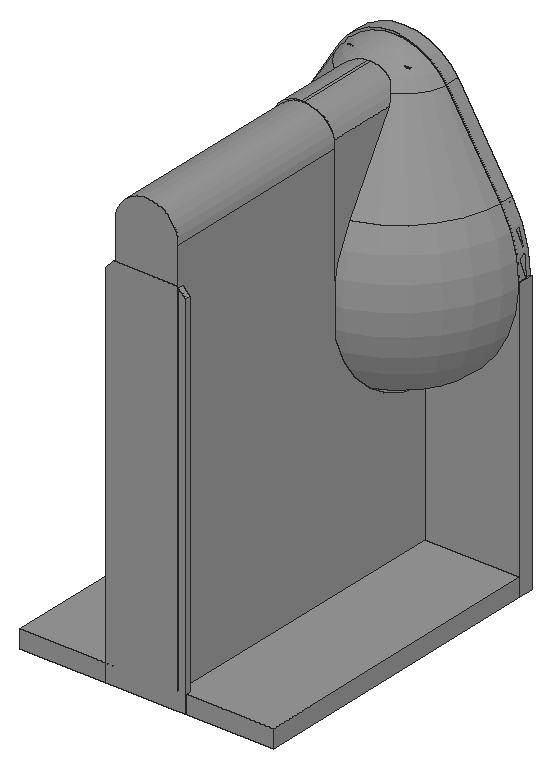
Revit family "Toilet-Willoughby-ASETWS-1490-FM-BS-HC", category Plumbing Fixtures, Revit 2015
Parameters (values of type "Standard")
  Waste DIA = 2 3/8"
  Waste Connection = yes
  W-RAD [instance] = Waste DIA / 2  # 0' - 1 3/16"
  Vent Connection = no
  URL = "https://www.willoughby-ind.com/wp-content/uploads/2018/01/ASETWS-1490-FM.pdf"
  Type Comments = ""
  Revision = "A"
  Model = "ASETWS-1490-FM-BS-HC"
  Manufacturer = "Willoughby Industries"
  HW Connection = no
  Flush inlet DIA = 1 1/2"
  Flush Inlet Connection = yes
  Fixture Body = Stainless Steel AISI 304-Willoughby
  F-RAD [instance] = Flush inlet DIA / 2  # 0' - 0 3/4"
  Description = "Ligature resistant siphon jet Toilet"
  Default Elevation = 0' - 0"
  Contact Number = "(800) 428-4065"
  CW Connection = no
Reference planes (in)
  plane 1 "Base": y = -16.25
  plane 2: z = 0
  plane 3 "Center": x = 18.31072
  plane 4 "ref": y = -4.75
  plane 5: y = -1.25
  plane 6: z = -6.75
  plane 7: y = -2.125
  plane 8: y = -14.0625
  plane 9: x = 16.56072
  plane 10: x = 20.06072
  plane 11: x = 11.56072
  plane 12: x = 25.06072
  plane 13: z = -3
  plane 14: z = 25
  plane 15 "Waste HGT": y = -10.75
  plane 16: y = -3.125
  plane 17: y = -19.25
Forms (in)
  Extrusion 1, solid, material "Stainless Steel AISI 304-Willoughby" <- "Fixture Body"
    sketch origin (16.08109, 7.47968, -7.1422) x (-1, 0, 0) y (0, 0, -1)
      loop
        line (4.79775, -22.86304) -> (4.83287, -22.86304) -> (4.83287, -7.1422) -> (-2.22963, -7.1422) -> (-9.29213, -7.1422) -> (-9.29213, -22.86304) -> (-9.20225, -22.86304)
        arc (-9.20225, -22.86304) -> (-8.94967, -24.72647) -> (-8.21015, -26.45542) r 7
        line (-8.21015, -26.45542) -> (-5.16818, -31.31054)
        arc (-5.16818, -31.31054) -> (-2.20225, -32.95225) -> (0.76368, -31.31054) r 3.5
        line (0.76368, -31.31054) -> (3.80565, -26.45542)
        arc (3.80565, -26.45542) -> (4.54517, -24.72647) -> (4.79775, -22.86304) r 7
      loop
        arc (2.03989, -24.70557) -> (-2.20225, -18.23804) -> (-6.44438, -24.70557) r 4.625
        line (-6.44438, -24.70557) -> (-4.04125, -30.23842)
        arc (-4.04125, -30.23842) -> (-2.20225, -31.45225) -> (-0.36324, -30.23842) r 2
        line (-0.36324, -30.23842) -> (2.03989, -24.70557)
    from 8.72968 to 9.5
  Revolve 2, solid, material "Stainless Steel AISI 304-Willoughby" <- "Fixture Body"
    sketch origin (19.37246, -1.52032, -3.93826) x (-1, 0, 0) y (0, 0, -1)
      loop
        line (1.06174, -12.59906) -> (1.06174, -12.84906)
        arc (1.06174, -12.84906) -> (6.96784, -16.33096) -> (6.78077, -23.18447) r 6.75
        line (6.78077, -23.18447) -> (3.81535, -27.91457)
        arc (3.81535, -27.91457) -> (2.63527, -29.03194) -> (1.06174, -29.43826) r 3.25
        line (1.06174, -29.43826) -> (1.06174, -29.68826)
        arc (1.06174, -29.68826) -> (2.75672, -29.25045) -> (4.02767, -28.04656) r 3.5
        line (4.02767, -28.04656) -> (7.06964, -23.19143)
        arc (7.06964, -23.19143) -> (7.15052, -16.14555) -> (1.06174, -12.59906) r 7
      axis (1.06174, -12.59906) -> (1.06174, -29.68826)
    angle from 0 to -180
  Extrusion 3, solid, material "Stainless Steel AISI 304-Willoughby" <- "Fixture Body"
    sketch origin (19.53334, -3.02032, -4.9508) x (0, 1, 0) y (0, 0, 1)
      loop
        line (-5.27082, 4.9508) -> (1, 4.9508) -> (1, 13.76086)
        arc (1, 13.76086) -> (-2.93256, 15.26109) -> (-5.27082, 18.76086) r 6.92744
        line (-5.27082, 18.76086) -> (-5.27082, 4.9508)
    from 0.52738 to -2.97262
  Extrusion 4, solid, material "Stainless Steel AISI 304-Willoughby" <- "Fixture Body"
    sketch origin (0, 8.59309, -3) x (1, 0, 0) y (0, 1, 0)
      loop
        circle (18.31072, -19.34309) r 1.1875
    from 5.5 to 0
  Extrusion 5, solid, material "Stainless Steel AISI 304-Willoughby" <- "Fixture Body"
    sketch origin (0, -3.625, 0) x (1, 0, 0) y (0, 1, 0)
      loop
        circle (18.31072, 0.5) r 0.75
    from 0 to 1
  Extrusion 6, solid, material "Stainless Steel AISI 304-Willoughby" <- "Fixture Body"
    sketch origin (0, -16.25, 0) x (1, 0, 0) y (0, 0, 1)
      loop
        line (18.31072, 0) -> (25.37322, 0) -> (25.37322, 1) -> (11.24822, 1) -> (11.24822, 0) -> (18.31072, 0)
    from -14.22968 to 3
  Extrusion 7, solid, material "Stainless Steel AISI 304-Willoughby" <- "Fixture Body"
    sketch origin (0, -16.25, 0) x (1, 0, 0) y (0, 0, 1)
      loop
        line (20.06072, 0) -> (20.06072, 23.28412)
        arc (20.06072, 23.28412) -> (18.31072, 25.03412) -> (16.56072, 23.28412) r 1.75
        line (16.56072, 23.28412) -> (16.56072, 0) -> (20.06072, 0)
    from 3 to -7.95886
  Extrusion 8, solid, material "Stainless Steel AISI 304-Willoughby" <- "Fixture Body"
    sketch origin (-0.06578, -16.25, 7) x (1, 0, 0) y (0, 0, 1)
      loop
        line (20.06072, -7) -> (20.56072, -7) -> (20.56072, 13.75) -> (20.06072, 14.25) -> (16.56072, 14.25) -> (16.06072, 13.75) -> (16.06072, -7) -> (16.56072, -7) -> (20.06072, -7)
    from 3 to 2.73663
  Extrusion 9, solid, material "Stainless Steel AISI 304-Willoughby" <- "Fixture Body"
    sketch origin (18.31072, 0, 0) x (0, 1, 0) y (0, 0, 1)
      loop
        line (-3.0438, 25.03193) -> (-8.29114, 25.03193) -> (-8.29114, 16.73622)
        arc (-8.29114, 16.73622) -> (-8.25839, 17.11069) -> (-8.16113, 17.47379) r 2.15729
        arc (-8.16113, 17.47379) -> (-7.78826, 18.37428) -> (-7.33828, 19.23882) r 11.16687
        arc (-7.33828, 19.23882) -> (-5.85557, 21.70663) -> (-4.28753, 24.12112) r 82.3759
        arc (-4.28753, 24.12112) -> (-3.71235, 24.64027) -> (-3.0438, 25.03193) r 3.79911
    from 1.75 to -1.75
  Extrusion 10, void
    sketch origin (0, -16.25, 0) x (1, 0, 0) y (0, 0, 1)
      loop
        arc (16.43207, 23.28193) -> (16.94463, 24.51936) -> (18.18207, 25.03193) r 1.75
        line (18.18207, 25.03193) -> (16.43207, 25.03193) -> (16.43207, 23.28193)
    from -7.95886 to -13.18331
  Extrusion 11, void
    sketch origin (0, -16.25, 0) x (1, 0, 0) y (0, 0, 1)
      loop
        arc (18.34313, 25.03193) -> (19.49966, 24.59853) -> (20.12234, 23.53193) r 1.84176
        line (20.12234, 23.53193) -> (20.12234, 25.03193) -> (18.34313, 25.03193)
    from -7.95886 to -13.18919
Cuts and joins
  joined: Extrusion 3, Extrusion 6, Extrusion 7
  Extrusion 10, Extrusion 11 cuts Extrusion 9
Lines and regions (in)
  symbolic lines
    curve 1: line (13.81072, -16.25, 0) -> (13.81072, -1.25, 0)
    curve 2: line (22.81072, -16.25, 0) -> (22.81072, -1.25, 0)
    curve 3: line (13.81072, -19.25, 0) -> (22.81072, -19.25, 0)
    curve 4: line (11.28334, -2.02032, 0) -> (11.28334, -1.25, 0)
    curve 5: line (11.28334, -1.25, 0) -> (25.28334, -1.25, 0)
    curve 6: line (25.28334, -1.25, 0) -> (25.28334, -2.02032, 0)
    curve 7: arc (25.28334, -2.02032, 0) -> (23.08185, -6.64916, 0) -> (18.31072, -8.52239, 0) r 6.97293
    curve 8: arc (18.31072, -8.52239, 0) -> (13.52793, -6.64299, 0) -> (11.28334, -2.02032, 0) r 7.06571
    curve 9: line (16.56072, -8.2982, 0) -> (16.56072, -19.25, 0)
    curve 10: line (20.06072, -19.25, 0) -> (20.06072, -8.30327, 0)
    curve 15: line (13.81072, -16.25, 0) -> (22.81072, -16.25, 0)
    curve 16: line (22.81072, -16.25, 0) -> (22.81072, -16.25, 1)
    curve 17: line (22.81072, -16.25, 1) -> (21.81072, -16.25, 1)
    curve 18: line (21.81072, -16.25, 0) -> (21.81072, -16.25, 9.67456)
    curve 19: line (14.78334, -16.25, 0) -> (14.78334, -16.25, 9.65867)
    curve 20: line (14.78334, -16.25, 1) -> (13.81072, -16.25, 1)
    curve 21: line (13.81072, -16.25, 1) -> (13.81072, -16.25, 0)
    curve 22: line (21.81072, -16.25, 5) -> (14.78334, -16.25, 5)
    curve 23: arc (21.81072, -16.25, 9.67456) -> (25.06245, -16.25, 13.97624) -> (24.29124, -16.25, 19.31322) r 7
    curve 24: line (24.29124, -16.25, 19.31322) -> (21.24927, -16.25, 24.16835)
    curve 25: arc (21.24927, -16.25, 24.16835) -> (19.98923, -16.25, 25.34792) -> (18.31072, -16.25, 25.75) r 3.37397
    curve 26: arc (18.31072, -16.25, 25.75) -> (16.62783, -16.25, 25.31163) -> (15.31741, -16.25, 24.16835) r 3.79331
    curve 27: line (15.31741, -16.25, 24.16835) -> (12.35249, -16.25, 19.43905)
    curve 28: arc (12.35249, -16.25, 19.43905) -> (11.49002, -16.25, 14.03241) -> (14.78334, -16.25, 9.65867) r 7
    curve 34: line (18.31072, -8.45513, 16.43593) -> (18.31072, -18.98663, 16.43593)
    curve 35: line (18.31072, -19.25, 16.5) -> (18.31072, -19.25, 0)
    curve 36: line (18.31072, -16.25, 0) -> (18.31072, 1.75, 0)
    curve 37: line (18.31072, -1.25, 5) -> (18.31072, -1.25, 25.81005)
    curve 38: line (18.31072, -1.25, 25.81005) -> (18.31072, -2.02032, 25.81005)
    curve 39: arc (18.31072, -2.02032, 25.81005) -> (18.31072, -3.17426, 25.3587) -> (18.31072, -4.14211, 24.58504) r 4.1253
    curve 40: line (18.31072, -4.14211, 24.58504) -> (18.31072, -7.52822, 19.25317)
    curve 41: arc (18.31072, -7.52822, 19.25317) -> (18.31072, -8.16721, 17.9023) -> (18.31072, -8.45513, 16.43593) r 6.04234
    curve 42: arc (18.31072, -8.45513, 16.43593) -> (18.31072, -8.2983, 15.12766) -> (18.31072, -8.29114, 13.81005) r 11.57712
    curve 43: arc (18.31072, -8.29114, 13.81005) -> (18.31072, -5.95289, 10.31029) -> (18.31072, -2.02032, 8.81005) r 6.92744
    curve 44: line (18.31072, -1.25, 9.65867) -> (18.31072, -2.02032, 9.65867)
    curve 45: line (18.31072, -2.02032, 9.65867) -> (18.31072, -2.02032, 1)
    curve 46: line (18.31072, -2.02032, 1) -> (18.31072, -19.25, 1)
  symbolic lines, detail levels medium+fine
    curve 11: line (20.06072, -19, 0) -> (20.56072, -19, 0)
    curve 12: line (20.56072, -19, 0) -> (20.56072, -19.25, 0)
    curve 13: line (16.49494, -18.98663, 0) -> (16.06072, -18.98663, 0)
    curve 14: line (16.06072, -18.98663, 0) -> (16.06072, -19.25, 0)
  symbolic lines, detail levels fine
    curve 29: arc (14.0412, -16.25, 17.56337) -> (18.28334, -16.25, 11.09585) -> (22.52547, -16.25, 17.56337) r 4.625
    curve 30: line (22.52547, -16.25, 17.56337) -> (20.12234, -16.25, 23.09622)
    curve 31: arc (20.12234, -16.25, 23.09622) -> (19.38317, -16.25, 23.97635) -> (18.28334, -16.25, 24.31005) r 2.01767
    curve 32: arc (18.28334, -16.25, 24.31005) -> (17.17969, -16.25, 23.98213) -> (16.44433, -16.25, 23.09622) r 1.9827
    curve 33: line (16.44433, -16.25, 23.09622) -> (14.0412, -16.25, 17.56337)
Dimensions and locks (in)
  locked: plane 1 "Base" to plane 5 at 15
  plane 14 to level = 2' - 1"
  plane 5 to plane 1 "Base" = 1' - 3"
  "W-RAD": radius of Extrusion 4 sketch curve
  "F-RAD": radius of Extrusion 5 sketch curve
  aligned and locked: plane 3 "Center" to Extrusion 4 sketch curve
  aligned and locked: plane 3 "Center" to Extrusion 5 sketch curve
  aligned and locked: Extrusion 7 to plane 17
Automatic sketch dimensions
  curve 23 to curve 28 = 0' - 0"  (x2)
  curve 23 to curve 29 = 0' - 0"  (x2)
  curve 28 to curve 29 = 0' - 0"  (x2)
  curve 21 to level = 0' - 0"
  curve 25 to plane 3 "Center" = 0' - 0"
  curve 26 to plane 3 "Center" = 0' - 0"
  curve 29 to plane 3 "Center" = 0' - 0.02738"
  curve 32 to plane 3 "Center" = 0' - 0.03882"
  curve 31 to curve 32 = 0' - 0.0002"
  curve 33 to plane 9 = 0' - 0.11639"
  curve 27 to plane 9 = 0' - 1.24331"
  curve 19 to plane 9 = 0' - 1.77738"
  plane 11 to curve 33 = 0' - 2 123/256"
  curve 15 to curve 19 = 0' - 0.97262"
  plane 11 to curve 27 = 0' - 0.79177"
  plane 3 "Center" to curve 25 = 0' - 0.07942"
  plane 3 "Center" to curve 26 = 0' - 0.08929"
  plane 10 to curve 30 = 0' - 0.06162"
  curve 24 to plane 14 = 0' - 0.83165"
  plane 10 to curve 24 = 0' - 1.18855"
  plane 10 to curve 18 = 0' - 1 3/4"
  plane 10 to curve 30 = 0' - 2.46475"
  curve 17 to curve 16 = 0' - 1"
  curve 24 to plane 12 = 0' - 0.76948"
  curve 15 to curve 16 = 0' - 1"
  curve 15 to curve 21 = 0' - 1"
  curve 20 to curve 19 = 0' - 8.65867"
  curve 19 to curve 18 = 0' - 0.01589"
  curve 19 to curve 28 = 0' - 6.06218"
  curve 33 to curve 27 = 0' - 1.87568"
  curve 26 to plane 14 = 0' - 3.04226"
  curve 31 to curve 25 = 0' - 0.08455"
  curve 31 to curve 32 = 0' - 0.03496"
  curve 33 to curve 26 = 0' - 1.07212"
  curve 30 to curve 24 = 0' - 1.07212"
  curve 17 to curve 22 = 0' - 4"
  Revolve 2 sketch curve to Revolve 2 sketch curve = 0' - 0"  (x2)
  Revolve 2 sketch curve to plane 3 "Center" = 0' - 0"  (x3)
  plane 3 "Center" to Revolve 2 sketch curve = 0' - 0"
  Revolve 2 sketch curve to plane 9 = 0' - 1.00361"
  Revolve 2 sketch curve to plane 14 = 0' - 0.8917"
  Revolve 2 sketch curve to Revolve 2 sketch curve = 0' - 0.21232"
  plane 11 to Revolve 2 sketch curve = 0' - 1.03097"
  Revolve 2 sketch curve to Revolve 2 sketch curve = 0' - 0.28887"
  plane 14 to Revolve 2 sketch curve = 0' - 0 1/2"
  Revolve 2 sketch curve to Revolve 2 sketch curve = 0' - 0 1/4"
  Revolve 2 sketch curve to Revolve 2 sketch curve = 0' - 0.13199"
  Revolve 2 sketch curve to Revolve 2 sketch curve = 0' - 4.85513"
  Revolve 2 sketch curve to Revolve 2 sketch curve = 0' - 0.00696"
  Revolve 2 sketch curve to Revolve 2 sketch curve = 0' - 6.5892"
  Revolve 2 sketch curve to Revolve 2 sketch curve = 0' - 3 1/4"
  Revolve 2 sketch curve to Revolve 2 sketch curve = 0' - 2.4108"
  Extrusion 3 sketch curve to level = 0' - 0"
  plane 4 "ref" to Extrusion 3 sketch curve = 0' - 3.54114"
  plane 7 to Extrusion 3 sketch curve = 0' - 0.10468"
  plane 5 to Extrusion 3 sketch curve = 0' - 0.38413"
  Extrusion 3 sketch curve to Extrusion 3 sketch curve = 0' - 8.81005"
  Extrusion 3 sketch curve to Extrusion 3 sketch curve = 0' - 5"
  Extrusion 7 sketch curve to level = 0' - 0"
  Extrusion 7 sketch curve to plane 9 = 0' - 0"
  Extrusion 7 sketch curve to plane 3 "Center" = 0' - 0"
  Extrusion 7 sketch curve to plane 14 = 0' - 1.71588"
  Extrusion 8 sketch curve to level = 0' - 0"
  Extrusion 8 sketch curve to plane 9 = 0' - 0.56578"
  Extrusion 8 sketch curve to plane 9 = 0' - 0.06578"  (x2)
  Extrusion 8 sketch curve to plane 10 = 0' - 0.06578"  (x2)
  plane 10 to Extrusion 8 sketch curve = 0' - 0.43422"
  Extrusion 8 sketch curve to plane 14 = 0' - 4 1/4"  (x2)
  Extrusion 8 sketch curve to Extrusion 8 sketch curve = 0' - 0 1/2"
  plane 14 to Extrusion 9 sketch curve = 0' - 0.03193"
  plane 4 "ref" to Extrusion 9 sketch curve = 0' - 3.54114"
  plane 4 "ref" to Extrusion 9 sketch curve = 0' - 1.38385"
  Extrusion 9 sketch curve to plane 7 = 0' - 0.9188"
  plane 5 to Extrusion 9 sketch curve = 0' - 0.21771"
  Extrusion 9 sketch curve to plane 6 = 1' - 3.19552"
  Extrusion 9 sketch curve to plane 14 = 0' - 11.34412"
  Extrusion 9 sketch curve to plane 14 = 0' - 8.26378"
  Extrusion 9 sketch curve to plane 14 = 0' - 3.42484"
  Extrusion 9 sketch curve to Extrusion 9 sketch curve = 0' - 0"  (x2)
  plane 14 to Extrusion 10 sketch curve = 0' - 0.03193"
  Extrusion 10 sketch curve to plane 9 = 0' - 0.12865"
  Extrusion 10 sketch curve to plane 3 "Center" = 0' - 0.12865"
  plane 3 "Center" to Extrusion 11 sketch curve = 0' - 0.0018"
  plane 14 to Extrusion 11 sketch curve = 0' - 0.03193"
  plane 10 to Extrusion 11 sketch curve = 0' - 0.06162"
  plane 3 "Center" to Extrusion 11 sketch curve = 0' - 0.03241"
  Extrusion 11 sketch curve to plane 14 = 0' - 1.46807"
  Extrusion 4 sketch curve to plane 15 "Waste HGT" = 0' - 0"
  Extrusion 5 sketch curve to plane 16 = 0' - 0"
  Extrusion 9 sketch curve to plane 5 = 0' - 3.58279"
  Extrusion 9 sketch curve to plane 5 = 5' - 5.25343"
  curve 35 to plane 17 = 0' - 0"
  curve 36 to level = 0' - 0"
  curve 36 to plane 1 "Base" = 0' - 0"
  curve 37 to plane 5 = 0' - 0"
  curve 35 to level = 0' - 0"
  curve 42 to plane 17 = 0' - 0.6029"
  plane 15 "Waste HGT" to curve 34 = 0' - 2.29487"
  plane 4 "ref" to curve 40 = 0' - 2.77822"
  curve 40 to plane 4 "ref" = 0' - 0.60789"
  curve 41 to plane 7 = 0' - 0.30255"
  plane 7 to curve 45 = 0' - 0.10468"
  plane 7 to curve 38 = 0' - 0.10468"
  plane 5 to curve 43 = 0' - 0.38413"
  curve 39 to plane 5 = 0' - 0.13839"
  level to curve 45 = 0' - 1"
  curve 45 to curve 44 = 0' - 8.65867"
  curve 42 to plane 14 = 0' - 10.59394"
  curve 44 to curve 43 = 0' - 6.06805"
  curve 43 to curve 41 = 0' - 0.28717"
  curve 41 to curve 34 = 0' - 0.42205"
  curve 39 to plane 14 = 0' - 3.21392"
  curve 40 to plane 14 = 0' - 0.41496"
  plane 17 to curve 34 = 0' - 0.26337"
  plane 15 "Waste HGT" to curve 42 = 0' - 2.45886"
  curve 36 to plane 5 = 0' - 3"
  curve 37 to curve 43 = 0' - 3.81005"
  curve 34 to curve 35 = 0' - 0.06407"
  plane 5 to curve 4 = 0' - 0"
  curve 3 to plane 17 = 0' - 0"
  plane 1 "Base" to curve 1 = 0' - 0"
  curve 9 to plane 9 = 0' - 0"
  curve 7 to plane 3 "Center" = 0' - 0"
  curve 8 to plane 3 "Center" = 0' - 0"
  curve 11 to plane 10 = 0' - 0"
  plane 1 "Base" to curve 2 = 0' - 0"
  curve 13 to plane 9 = 0' - 0 1/2"
  curve 5 to plane 11 = 0' - 0.27738"
  plane 3 "Center" to curve 7 = 0' - 0 1/64"
  plane 3 "Center" to curve 8 = 0' - 0.01581"
  plane 10 to curve 12 = 0' - 0 1/2"
  curve 8 to curve 5 = 0' - 6.9568"
  curve 12 to curve 11 = 0' - 0 1/4"
  plane 17 to curve 14 = 0' - 0.26337"
  plane 7 to curve 4 = 0' - 0.10468"
  plane 7 to curve 6 = 0' - 0.10468"
  curve 13 to plane 9 = 0' - 0.06578"
  plane 11 to curve 1 = 0' - 2 1/4"
  curve 3 to curve 14 = 0' - 2 1/4"
  curve 2 to plane 12 = 0' - 2 1/4"
  curve 3 to plane 12 = 0' - 2 1/4"
  Extrusion 1 sketch curve to Extrusion 1 sketch curve = 0' - 0"  (x6)
  Extrusion 1 sketch curve to level = 0' - 0"
  Extrusion 1 sketch curve to plane 3 "Center" = 0' - 0"
  plane 10 to Extrusion 1 sketch curve = 0' - 0.06162"
  plane 10 to Extrusion 1 sketch curve = 0' - 1.18855"
  plane 10 to Extrusion 1 sketch curve = 0' - 2.46475"
  Extrusion 1 sketch curve to plane 12 = 0' - 0.76948"
  plane 12 to Extrusion 1 sketch curve = 0' - 0.22262"
  plane 12 to Extrusion 1 sketch curve = 0' - 0 5/16"
  Extrusion 1 sketch curve to plane 3 "Center" = 0' - 0.02738"  (x2)
  Extrusion 1 sketch curve to plane 9 = 0' - 0.11639"
  Extrusion 1 sketch curve to plane 14 = 0' - 0.83165"
  Extrusion 1 sketch curve to plane 9 = 0' - 1.24331"
  plane 11 to Extrusion 1 sketch curve = 0' - 2 123/256"
  plane 11 to Extrusion 1 sketch curve = 0' - 0.71472"
  Extrusion 1 sketch curve to plane 11 = 0' - 0 5/16"
  Extrusion 1 sketch curve to Extrusion 1 sketch curve = 0' - 1.07212"
  Extrusion 1 sketch curve to Extrusion 1 sketch curve = 0' - 0.78617"
  Extrusion 1 sketch curve to Extrusion 1 sketch curve = 0' - 3.783"  (x2)
  Extrusion 1 sketch curve to Extrusion 1 sketch curve = 0' - 1.74985"
  Extrusion 6 sketch curve to level = 0' - 0"
  Extrusion 6 sketch curve to plane 3 "Center" = 0' - 0"
  Extrusion 6 sketch curve to plane 11 = 0' - 0 5/16"
  plane 12 to Extrusion 6 sketch curve = 0' - 0 5/16"
  level to Extrusion 6 sketch curve = 0' - 1"
Connectors (in)
  piping at (18.31072, -10.75, -3), diameter 2.375, driven by "W-RAD", driven by "Waste Connection"
    settings: on Extrusion 4, index 1, connector inside diameter 2 1/2", connector length 0' - 0", flow factor 0, pipe flow 0 GPM, pressure drop 0.00 psi, fitting loss kfactor 0, connector angle 0.00°, fixture units 0, engagement length 0' - 0", angle of deflection 0.00°, flow configuration 0, flow direction 2, fitting loss method 0, system type 16, joint type 0, gender type 0, connector reference index -1, connector utility 1, adjustable connector yes, is connector primary yes, connector description "Toilet Waste"
  piping at (18.31072, -3.125, 1), diameter 1.5, driven by "F-RAD", driven by "Flush Inlet Connection"
    settings: on Extrusion 5, index 2, connector inside diameter 1 1/2", connector length 0' - 0", flow factor 0, pipe flow 0 GPM, pressure drop 0.00 psi, fitting loss kfactor 0, connector angle 0.00°, fixture units 0, engagement length 0' - 0", angle of deflection 0.00°, flow configuration 0, flow direction 1, fitting loss method 0, system type 20, joint type 0, gender type 0, connector reference index -1, connector utility 1, adjustable connector no, is connector primary no, connector description "Flush Inlet"
